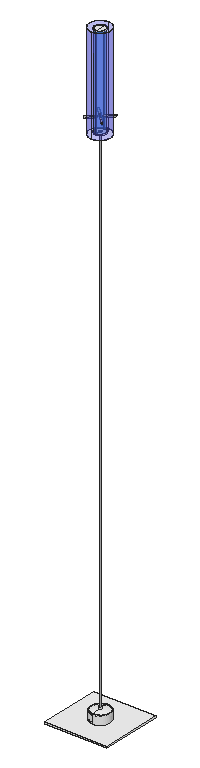
Revit family "BE_50410_de_DE", category Leuchten, Revit 2020
Family settings
  Basisbauteil = Fläche
  Bemaßung runder Anschluss = Durchmesser verwenden
  Teiletyp = Normal
  Beim Laden mit Abzugskörper schneiden = Ja
  Lichtquelle = Ja
  Gemeinsam genutzt = Nein
  Raumberechnungspunkt = Ja
Parameters (values of type "BEGA_50410_K4")
  built-in parameter 1150104 = 15.859 (stored number, unit not read)
  Wattage = 16.4 W
  Default Elevation = 0 mm
  built-in parameter 1150113 = 1 (stored number, unit not read)
  built-in parameter 1114218 = 1 (stored number, unit not read)
  Umgebungstemperatur = "25 °C"
  URL = "https://www.bega.com/de/produkt/50410"
  Typenkommentare = "© 2022 BEGA. Wir behalten uns das Recht vor, technische Änderungen ohne vorherige Ankündigung vorzunehmen."  # constant formula
  built-in parameter 1150134 = 12
  built-in parameter 1150109 = 1 (stored number, unit not read)
  Strom = ""
  built-in parameter 1150110 = 1 (stored number, unit not read)
  Spannung = 239.996 V
  Sonderanfertigung = no
  Seriennummer [instance] = "Hier können Sie die eindeutige Seriennummer für das Facility Management eintragen."
  Schutzklasse = "I"
  Schutzart = "IP 20"
  Scheinlast = 0 VA
  Produktdatenblatt = "https://cdn.bega.com/bega/products/50410K4/current/documents/data-sheets/de"
  Oberflächentemperatur = ""
  Neigungswinkel = 0.00°
  Modell = "50410K4"
  Material_17 = BEGA_Reflektor
  Material_15 = BEGA_Leuchtmedium_matt
  Material_13 = BEGA_Kunststoff_matt
  Material_11 = BEGA_Glas_opal
  Material_09 = BEGA_Glas_klar
  Material_06 = BEGA_Oberfläche_Edelstahl_gebürstet
  Material_05 = BEGA_Oberfläche_Aluminium Guss
  Material_03 = BEGA_Oberfläche_Weiss_matt
  Material_02 = BEGA_Oberfläche_Silber_matt
  Material_01 [instance] = BEGA_Oberfläche_Grafit_matt
  M_W = no
  M_G = no
  M_A = no
  Logo = 0
  built-in parameter 1114217 = 1 (stored number, unit not read)
  built-in parameter 1150139 = (empty or 0)
  built-in parameter 1150105 = 275.35 (stored number, unit not read)
  built-in parameter 1150114 = 1 (stored number, unit not read)
  Lumens = 2799.48 lm
  built-in parameter 1150115 = 1 (stored number, unit not read)
  Leuchtenlichtstrom = "2145 lm"
  Leuchtenanzahl = ""
  Lebensdauerkriterien = "L70B50 @ 25 °C = 200000 h"
  Lastklassifizierung = Beleuchtung
  built-in parameter 1150112 = 1 (stored number, unit not read)
  Lampenlichtstrom = "2900 lm"
  Lampe = "LED 16 W"
  LED_Modulbezeichnung = "LED-0694/940"
  built-in parameter 1150142 = (empty or 0)
  Hersteller = "BEGA"  # constant formula
  Halbstreuwinkel = ""
  Gewicht = "3.8 kg"
  Gebrauchslageneinschränkung [instance] = ""
  Frequenz = "0/50-60 Hz"
  Farbwiedergabeindex = "CRI > 90"
  Farbtemperaturverschiebung bei Dämpfen der Lampe = <Keine Auswahl>
  Farbtemperatur = "4000 K"
  Color Filter = 16777215
  built-in parameter 1150133 = 10 (stored number, unit not read)
  Energieeffizienzklasse = "LED A++ - A"
  built-in parameter 1150137 = (empty or 0)
  built-in parameter 1150132 = (empty or 0)
  ENEC = "ja"
  Dimmbar [instance] = "DALI"
  Datei für fotometrisches Netz = "BE_50410K4.IES"
  CE_Konformität = "ja"
  Bestellnummer = "50410K4"
  Beschreibung_Sonderanfertigung = "Hier können Sie Informationen zur Sonderanfertigung eintragen."
  Beschreibung = "Pendelleuchte"
  built-in parameter 1150106 = 2.7535 (stored number, unit not read)
  Befestigungsbohrung = "Ø 4,5 mm"
  Befestigungsabstand = "106 mm"
  Ballwurfsicher = ""
  BEGA_Intern_aus = yes
  BEGA_Intern_an = yes
  BEGA_Intern_Konstruktion = yes
  BEGA_Intern = yes
  BEGA_IES = yes
  BEGA_Dummy = no
  Anschlussleitung = ""
  Anschlussleistung [instance] = "19.3 W"
  Anschlusskasten = ""
  built-in parameter 1150107 = 4000 (stored number, unit not read)
  built-in parameter 1150102 = (empty or 0)
  built-in parameter 1150138 = (empty or 0)
  Aktualisierung = "2022-05-19T04:00:07"
  Abstand_zur_angestrahlten_Fläche [instance] = ""
  AC/DC = "AC/DC"
Types (2, lengths in mm): name | built-in parameter 1150104 | built-in parameter 1150134 | Modell | built-in parameter 1150105 | Lumens | Leuchtenlichtstrom | Lampenlichtstrom | LED_Modulbezeichnung | built-in parameter 1150142 | Farbtemperatur | Datei für fotometrisches Netz | Bestellnummer | built-in parameter 1150106 | built-in parameter 1150107
  BEGA_50410_K4 | 15.859 (stored number, unit not read) | 12 | "50410K4" | 275.35 (stored number, unit not read) | 2799.48 lm | "2145 lm" | "2900 lm" | "LED-0694/940" | (empty or 0) | "4000 K" | "BE_50410K4.IES" | "50410K4" | 2.7535 (stored number, unit not read) | 4000 (stored number, unit not read)
  BEGA_50410_K3 | 15.413 (stored number, unit not read) | (empty or 0) | "50410K3" | 216.51 (stored number, unit not read) | 2720.76 lm | "2026 lm" | "2740 lm" | "LED-0694/930" | "IESNA:LM-63-1995\r\n[TEST] \r\n[MANUFAC] BEGA\r\n[MORE] Converted by LUMCat V \r\n[MORE] 18.09.2017 / H.R.\r\n[LUMCAT] \r\n[LUMINAIRE] 50410K3\r\n[LAMPCAT] LED  16,4W\r\n[LAMPCAT] LED  16,4W    2012 lm,   19 W\r\n[LAMP] LED  16,4W\r\nTILT=NONE\r\n1    2012 1.0 73 1 1 2 -0.140 0.000 0.620\r\n1.0 1.0 19\r\n   0.0   2.5   5.0   7.5  10.0  12.5  15.0  17.5  20.0  22.5  25.0  27.5  30.0\r\n  32.5  35.0  37.5  40.0  42.5  45.0  47.5  50.0  52.5  55.0  57.5  60.0  62.5\r\n  65.0  67.5  70.0  72.5  75.0  77.5  80.0  82.5  85.0  87.5  90.0  92.5  95.0\r\n  97.5 100.0 102.5 105.0 107.5 110.0 112.5 115.0 117.5 120.0 122.5 125.0 127.5\r\n 130.0 132.5 135.0 137.5 140.0 142.5 145.0 147.5 150.0 152.5 155.0 157.5 160.0\r\n 162.5 165.0 167.5 170.0 172.5 175.0 177.5 180.0\r\n   0.0\r\n      11.5      18.4      34.1      47.9      58.4      67.7      76.4      84.3\r\n      91.5      98.1     104.3     110.3     116.1     121.8     127.4     132.9\r\n     138.2     143.5     148.6     153.6     158.4     163.1     167.5     171.6\r\n     175.6     179.2     182.6     185.7     188.4     190.8     192.9     194.5\r\n     195.9     196.9     197.6     197.9     197.8     197.8     197.4     196.7\r\n     195.5     193.9     191.8     189.3     186.5     183.3     179.8     176.0\r\n     171.9     167.6     163.0     158.2     153.1     147.8     142.3     136.7\r\n     130.9     125.1     119.2     113.4     107.6     101.7      95.6      88.7\r\n      80.2      70.8      60.0      47.4      34.0      19.0       4.5       0.3\r\n       0.2\r\n" | "3000 K" | "BE_50410K3.IES" | "50410K3" | 2.1651 (stored number, unit not read) | 3000 (stored number, unit not read)
Reference planes
  plane 1 "Mitte (Vorne/Hinten)": y = 0
  plane 2: z = 0
  plane 3 "Mitte (Links/Rechts)": x = 0
  plane 4 "Links": x = -70
  plane 5 "Rechts": x = 70
  plane 6 "Unten": y = -70
  plane 7 "Oben": y = 70
  plane 8 "Vorne": z = 4000
  plane 9 "Hinten": z = 0
Forms (mm)
  Extrusion 1, solid, material "BEGA_Platte_Weiss"
    sketch origin (0, -1119.2, 0) x (1, 0, 0) y (0, 1, 0)
      loop
        line (-200, 1319.2) -> (-200, 919.2) -> (200, 919.2) -> (200, 1319.2) -> (-200, 1319.2)
    from 0 to -10
  Extrusion 2, solid, material "BEGA_Dummy_matt", visible <- "BEGA_Dummy"
    sketch origin (77.149, -76.023, 0) x (1, 0, 0) y (0, 1, 0)
      loop
        circle (-77.149, 76.023) r 70
    from 0 to 4000
Dimensions and locks
  plane 1 "Mitte (Vorne/Hinten)" to Extrusion 1 = 200 mm
  aligned and locked: plane 2 to Extrusion 1
  aligned and locked: level to Extrusion 1
Nested families
  nested 1: "BE_50410" at (0, 0, 0), type "BE_50410"
Connectors
  electrical at (0, 0, 0), driven by "Lastklassifizierung", driven by "Spannung", driven by "Scheinlast"
    settings: index 1, voltage 239.996 V, apparent load 0 VA, apparent load phase1 0 VA, apparent load phase2 0 VA, apparent load phase3 0 VA, power factor 1, load classification "Beleuchtung", number of poles 1, system type 31, power factor state 1, is connector primary yes, connector utility no, sub classification motor no, connector description ""
Definition of nested family "BE_50410"
  Parameters (values of type "BE_50410")
    Default Elevation = 1 mm
    URL = "http://www.bega.de/de/produkt"
    Type Comments = "© 2015 BEGA. Wir behalten uns das Recht vor, technische Änderungen ohne vorherige Ankündigung vorzunehmen. "  # constant formula
    Type Image = (empty or 0)
    Neigungswinkel_um_Z2 = 0.00°
    Neigungswinkel_um_Z1 = 0.00°
    Neigungswinkel_um_Y2 = 0.00°
    Neigungswinkel_um_Y1 = 0.00°
    Neigungswinkel_um_X2 = 0.00°
    Neigungswinkel_um_X1 = 0.00°
    Material_17 = none
    Material_15 = none
    Material_13 = none
    Material_11 = none
    Material_09 = none
    Material_06 = none
    Material_05 = none
    Material_03 = none
    Material_02 = none
    Material_01 = none
    M_W = yes
    M_G = yes
    M_A = yes
    Länge_Platte = 200 mm  # constant formula
    Höhe_Platte = -10 mm  # constant formula
    Manufacturer = "BEGA"  # constant formula
    Drehwinkel_um_Z2 = 0.00°
    Drehwinkel_um_Z1 = 0.00°
    Breite_Platte = 200 mm  # constant formula
  Reference planes
    plane 1 "Mitte (Oben/Unten)": y = 0
    plane 2: z = 0
    plane 3 "Mitte (Links/Rechts)": x = 0
    plane 4: z = 4000
    plane 5: y = 70
    plane 6: y = -70
    plane 7: x = -70
    plane 8: x = 70
  Forms (mm)
    Extrusion 1, solid, detail levels medium
      sketch origin (0, 0, 0) x (1, 0, 0) y (0, 1, 0)
        loop
          line (-100, 100) -> (-100, -100) -> (100, -100) -> (100, 100) -> (-100, 100)
      from 0 to -10 <- "Höhe_Platte"
    Revolve 2, solid, material <- "Material_03", detail levels medium+fine
      sketch origin (0, 0, 0) x (0, 1, 0) y (0, 0, 1)
        loop
          line (58.5, 9) -> (0, 9) -> (0, 7.5) -> (58.5, 7.5) -> (58.5, 0) -> (60, 0) -> (60, 7.5)
          arc (60, 7.5) -> (59.561, 8.561) -> (58.5, 9) r 1.5
        axis (0, 9) -> (0, 0)
      angle from 0 to 360
    Extrusion 3, void
      sketch origin (0, 0, 0) x (1, 0, 0) y (0, 1, 0)
        loop
          circle (0, 53) r 2.25
        loop
          circle (0, -53) r 2.25
        loop
          circle (-25, 42) r 8.5
        loop
          circle (25, 42) r 8.5
      from 5 to 9.5
    Revolve 4, solid, material <- "Material_03", detail levels medium+fine
      sketch origin (0, 0, 0) x (0, 1, 0) y (0, 0, 1)
        loop
          line (61, 56) -> (56.303, 56)
          arc (56.303, 56) -> (31.36, 61.911) -> (5.85, 64.421) r 190.5
          line (5.85, 64.421) -> (5.85, 62.42)
          arc (5.85, 62.42) -> (31.21, 59.909) -> (56, 54) r 188.5
          line (56, 54) -> (60.5, 54) -> (60.5, 0) -> (62, 0) -> (62, 55)
          arc (62, 55) -> (61.707, 55.707) -> (61, 56) r 1
        axis (0, 0) -> (0, 64.421)
      angle from 0 to 360
    Revolve 5, solid, material <- "Material_03", detail levels medium+fine
      sketch origin (0, 0, 0) x (0, 1, 0) y (0, 0, 1)
        loop
          line (8.5, 71.421) -> (3.05, 71.421) -> (3.05, 3381.5) -> (7.247, 3381.5) -> (7.247, 3398) -> (0, 3398) -> (0, 64.421) -> (8.5, 64.421) -> (8.5, 71.421)
        axis (0, 3398) -> (0, 64.421)
      angle from 0 to 360
    Revolve 6, solid, material <- "Material_03", detail levels medium+fine
      sketch origin (0, 0, 0) x (0, 1, 0) y (0, 0, 1)
        loop
          line (36.5, 3398.5) -> (35.5, 3398.5) -> (35.5, 3397) -> (8.744, 3397) -> (8.744, 3395.5) -> (36.5, 3395.5) -> (36.5, 3398.5)
        loop
          line (36.5, 3991.5) -> (36.5, 3994.5) -> (0, 3994.5) -> (0, 3993) -> (35.5, 3993) -> (35.5, 3991.5) -> (36.5, 3991.5)
        axis (0, 3395.5) -> (0, 3994.5)
      angle from 0 to 360
    Revolve 7, solid, material <- "Material_11", detail levels medium+fine
      sketch origin (0, 0, 0) x (0, 1, 0) y (0, 0, 1)
        loop
          line (66, 3380) -> (70, 3380) -> (70, 4000) -> (66, 4000) -> (66, 3380)
        axis (0, 4000) -> (0, 3380)
      angle from 0 to 360
    Revolve 8, solid, material <- "Material_13", detail levels medium+fine
      sketch origin (0, 0, 0) x (0, 1, 0) y (0, 0, 1)
        loop
          line (35, 3993) -> (32, 3993) -> (32, 3397) -> (35, 3397) -> (35, 3993)
        axis (0, 3397) -> (0, 3993)
      angle from 0 to 360
    Revolve 9, void
      sketch origin (0, 0, 3485) x (1, 0, 0) y (0, 1, 0)
        loop
          line (-50.443, 50.443) -> (-53.625, 47.261) -> (-48.607, 42.243) -> (-45.425, 45.425) -> (-50.443, 50.443)
        axis (-45.425, 45.425) -> (-50.443, 50.443)
      angle from 0 to 360
    Revolve 10, solid, material <- "Material_06", detail levels fine
      sketch origin (0, 0, 3485) x (1, 0, 0) y (0, 1, 0)
        loop
          line (-8.141, 8.141) -> (-57.851, 57.851) -> (-60.679, 55.022) -> (-16.768, 11.111) -> (-16.061, 11.818) -> (-10.262, 6.02) -> (-8.141, 8.141)
        axis (-8.141, 8.141) -> (-57.851, 57.851)
      angle from 0 to 360
    Revolve 11, void
      sketch origin (0, 0, 3485) x (0, -1, 0) y (1, 0, 0)
        loop
          line (-50.443, 50.443) -> (-53.625, 47.261) -> (-48.607, 42.243) -> (-45.425, 45.425) -> (-50.443, 50.443)
        axis (-45.425, 45.425) -> (-50.443, 50.443)
      angle from 0 to 360
    Revolve 12, void
      sketch origin (0, 0, 3485) x (0, 1, 0) y (-1, 0, 0)
        loop
          line (-50.443, 50.443) -> (-53.625, 47.261) -> (-48.607, 42.243) -> (-45.425, 45.425) -> (-50.443, 50.443)
        axis (-45.425, 45.425) -> (-50.443, 50.443)
      angle from 0 to 360
    Revolve 13, void
      sketch origin (0, 0, 3485) x (-1, 0, 0) y (0, -1, 0)
        loop
          line (-50.443, 50.443) -> (-53.625, 47.261) -> (-48.607, 42.243) -> (-45.425, 45.425) -> (-50.443, 50.443)
        axis (-45.425, 45.425) -> (-50.443, 50.443)
      angle from 0 to 360
    Revolve 14, solid, material <- "Material_06", detail levels fine
      sketch origin (0, 0, 3485) x (0, -1, 0) y (1, 0, 0)
        loop
          line (-8.141, 8.141) -> (-57.851, 57.851) -> (-60.679, 55.022) -> (-16.768, 11.111) -> (-16.061, 11.818) -> (-10.262, 6.02) -> (-8.141, 8.141)
        axis (-8.141, 8.141) -> (-57.851, 57.851)
      angle from 0 to 360
    Revolve 15, solid, material <- "Material_06", detail levels fine
      sketch origin (0, 0, 3485) x (0, 1, 0) y (-1, 0, 0)
        loop
          line (-8.141, 8.141) -> (-57.851, 57.851) -> (-60.679, 55.022) -> (-16.768, 11.111) -> (-16.061, 11.818) -> (-10.262, 6.02) -> (-8.141, 8.141)
        axis (-8.141, 8.141) -> (-57.851, 57.851)
      angle from 0 to 360
    Revolve 16, solid, material <- "Material_06", detail levels fine
      sketch origin (0, 0, 3485) x (-1, 0, 0) y (0, -1, 0)
        loop
          line (-8.141, 8.141) -> (-57.851, 57.851) -> (-60.679, 55.022) -> (-16.768, 11.111) -> (-16.061, 11.818) -> (-10.262, 6.02) -> (-8.141, 8.141)
        axis (-8.141, 8.141) -> (-57.851, 57.851)
      angle from 0 to 360
  Cuts and joins
    Extrusion 3 cuts Revolve 2
    Revolve 9, Revolve 11, Revolve 12, Revolve 13 cuts Revolve 7
    Revolve 9 cuts Revolve 8
    Revolve 11 cuts Revolve 10
  Dimensions and locks
    equal spacing: Extrusion 1 sketch curve, plane 3 "Mitte (Links/Rechts)", Extrusion 1 sketch curve
    equal spacing: Extrusion 1 sketch curve, plane 1 "Mitte (Oben/Unten)", Extrusion 1 sketch curve
    "Länge_Platte": Extrusion 1 sketch curve to Extrusion 1 sketch curve
    "Breite_Platte": Extrusion 1 sketch curve to Extrusion 1 sketch curve
    aligned and locked: Extrusion 1 to plane 2
    aligned and locked: level to Extrusion 1
  Automatic sketch dimensions
    Revolve 2 sketch curve to plane 1 "Mitte (Oben/Unten)" = 0 mm  (x2)
    Revolve 2 sketch curve to level = 0 mm
    Revolve 2 sketch curve to plane 1 "Mitte (Oben/Unten)" = 58.5 mm
    Revolve 2 sketch curve to Revolve 2 sketch curve = 0 mm  (x8)
    Revolve 2 sketch curve to Revolve 2 sketch curve = 1.5 mm  (x2)
    level to Revolve 2 sketch curve = 7.5 mm
    Revolve 2 sketch curve to Revolve 2 sketch curve = 3.5 mm
    Extrusion 3 sketch curve to plane 3 "Mitte (Links/Rechts)" = 0 mm  (x2)
    Extrusion 3 sketch curve to plane 3 "Mitte (Links/Rechts)" = 25 mm
    plane 3 "Mitte (Links/Rechts)" to Extrusion 3 sketch curve = 25 mm
    plane 1 "Mitte (Oben/Unten)" to Extrusion 3 sketch curve = 53 mm
    Extrusion 3 sketch curve to plane 1 "Mitte (Oben/Unten)" = 42 mm  (x2)
    Extrusion 3 sketch curve to Extrusion 3 sketch curve = 11 mm
    Revolve 4 sketch curve to Revolve 4 sketch curve = 0 mm  (x2)
    Revolve 4 sketch curve to plane 1 "Mitte (Oben/Unten)" = 0 mm  (x2)
    Revolve 4 sketch curve to level = 0 mm
    Revolve 4 sketch curve to plane 1 "Mitte (Oben/Unten)" = 5.85 mm
    Revolve 4 sketch curve to Revolve 4 sketch curve = 0.5 mm
    Revolve 4 sketch curve to Revolve 4 sketch curve = 1.5 mm
    Revolve 4 sketch curve to Revolve 4 sketch curve = 1 mm
    Revolve 4 sketch curve to Revolve 4 sketch curve = 2.001 mm
    Revolve 4 sketch curve to Revolve 4 sketch curve = 4.5 mm
    Revolve 4 sketch curve to Revolve 4 sketch curve = 0.303 mm
    Revolve 4 sketch curve to Revolve 4 sketch curve = 3.546 mm
    Revolve 4 sketch curve to Revolve 4 sketch curve = 3.859 mm
    Revolve 5 sketch curve to plane 1 "Mitte (Oben/Unten)" = 0 mm  (x2)
    Revolve 5 sketch curve to plane 1 "Mitte (Oben/Unten)" = 3.05 mm
    Revolve 5 sketch curve to plane 1 "Mitte (Oben/Unten)" = 7.247 mm
    Revolve 5 sketch curve to Revolve 5 sketch curve = 5.45 mm
    Revolve 5 sketch curve to Revolve 5 sketch curve = 7 mm
    Revolve 5 sketch curve to Revolve 5 sketch curve = 16.5 mm
    Revolve 5 sketch curve to Revolve 5 sketch curve = 33.198 mm
    Revolve 5 sketch curve to Revolve 5 sketch curve = 8 mm
    Revolve 4 sketch curve to level = 125.99 mm
    level to Revolve 5 sketch curve = 64.421 mm
    Revolve 7 sketch curve to plane 1 "Mitte (Oben/Unten)" = 0 mm
    Revolve 7 sketch curve to Revolve 7 sketch curve = 4 mm
    Revolve 7 sketch curve to Revolve 7 sketch curve = 620 mm
    Revolve 7 sketch curve to Revolve 7 sketch curve = 99.703 mm
    Revolve 7 sketch curve to Revolve 7 sketch curve = 1.546 mm
    Revolve 5 sketch curve to Revolve 5 sketch curve = 3310.079 mm
    Revolve 4 sketch curve to Revolve 4 sketch curve = 50.15 mm
    Revolve 7 sketch curve to plane 1 "Mitte (Oben/Unten)" = 66 mm
    Revolve 6 sketch curve to plane 1 "Mitte (Oben/Unten)" = 0 mm  (x2)
    Revolve 6 sketch curve to Revolve 6 sketch curve = 8.744 mm
    Revolve 6 sketch curve to Revolve 6 sketch curve = 26.756 mm
    Revolve 6 sketch curve to plane 1 "Mitte (Oben/Unten)" = 35.5 mm
    Revolve 6 sketch curve to Revolve 6 sketch curve = 1 mm  (x2)
    level to Revolve 6 sketch curve = 3395.5 mm
    Revolve 6 sketch curve to Revolve 6 sketch curve = 1.5 mm  (x4)
    Revolve 6 sketch curve to Revolve 6 sketch curve = 593 mm
    Revolve 6 sketch curve to Revolve 6 sketch curve = 0 mm
    Revolve 6 sketch curve to Revolve 6 sketch curve = 5.5 mm
    Revolve 8 sketch curve to plane 1 "Mitte (Oben/Unten)" = 0 mm
    Revolve 8 sketch curve to plane 1 "Mitte (Oben/Unten)" = 32 mm
    Revolve 8 sketch curve to Revolve 8 sketch curve = 3 mm
    level to Revolve 8 sketch curve = 3397 mm
    Revolve 8 sketch curve to Revolve 8 sketch curve = 596 mm
    Revolve 8 sketch curve to Revolve 8 sketch curve = 11.654 mm
    Revolve 8 sketch curve to Revolve 8 sketch curve = 16.018 mm
    Revolve 10 sketch curve to Revolve 10 sketch curve = 0.707 mm
    Revolve 10 sketch curve to Revolve 10 sketch curve = 5.798 mm
    Revolve 10 sketch curve to Revolve 10 sketch curve = 2.828 mm  (x2)
    Revolve 10 sketch curve to Revolve 10 sketch curve = 5.091 mm
    Revolve 10 sketch curve to Revolve 10 sketch curve = 2.757 mm  (x2)
    Revolve 10 sketch curve to Revolve 10 sketch curve = 8.627 mm
    Revolve 9 sketch curve to Revolve 9 sketch curve = 3.182 mm  (x3)
    Revolve 9 sketch curve to Revolve 9 sketch curve = 5.017 mm
    Revolve 9 sketch curve to Revolve 9 sketch curve = 10.165 mm  (x2)
    Revolve 9 sketch curve to Revolve 9 sketch curve = 40.82 mm  (x2)
    Revolve 11 sketch curve to Revolve 11 sketch curve = 3.182 mm  (x3)
    Revolve 11 sketch curve to Revolve 11 sketch curve = 5.017 mm
    Revolve 11 sketch curve to Revolve 11 sketch curve = 10.165 mm  (x2)
    Revolve 11 sketch curve to Revolve 11 sketch curve = 40.82 mm  (x2)
    Revolve 12 sketch curve to Revolve 12 sketch curve = 3.182 mm  (x3)
    Revolve 12 sketch curve to Revolve 12 sketch curve = 5.017 mm
    Revolve 12 sketch curve to Revolve 12 sketch curve = 10.165 mm  (x2)
    Revolve 12 sketch curve to Revolve 12 sketch curve = 40.82 mm  (x2)
    Revolve 13 sketch curve to Revolve 13 sketch curve = 3.182 mm  (x3)
    Revolve 13 sketch curve to Revolve 13 sketch curve = 5.017 mm
    Revolve 13 sketch curve to Revolve 13 sketch curve = 10.165 mm  (x2)
    Revolve 13 sketch curve to Revolve 13 sketch curve = 40.82 mm  (x2)
    Revolve 9 sketch curve to plane 1 "Mitte (Oben/Unten)" = 42.243 mm
    Revolve 11 sketch curve to plane 1 "Mitte (Oben/Unten)" = 53.625 mm
    plane 1 "Mitte (Oben/Unten)" to Revolve 12 sketch curve = 53.625 mm
    plane 1 "Mitte (Oben/Unten)" to Revolve 13 sketch curve = 42.243 mm
    Revolve 10 sketch curve to Revolve 10 sketch curve = 43.911 mm
    Revolve 10 sketch curve to Revolve 10 sketch curve = 2.121 mm
    Revolve 10 sketch curve to Revolve 10 sketch curve = 3.536 mm  (x2)
    Revolve 14 sketch curve to Revolve 14 sketch curve = 0.707 mm
    Revolve 14 sketch curve to Revolve 14 sketch curve = 5.798 mm
    Revolve 14 sketch curve to Revolve 14 sketch curve = 2.828 mm  (x2)
    Revolve 14 sketch curve to Revolve 14 sketch curve = 5.091 mm
    Revolve 14 sketch curve to Revolve 14 sketch curve = 2.757 mm  (x2)
    Revolve 14 sketch curve to Revolve 14 sketch curve = 8.627 mm
    Revolve 14 sketch curve to Revolve 14 sketch curve = 43.911 mm
    Revolve 14 sketch curve to Revolve 14 sketch curve = 2.121 mm
    Revolve 14 sketch curve to Revolve 14 sketch curve = 3.536 mm  (x2)
    Revolve 15 sketch curve to Revolve 15 sketch curve = 0.707 mm
    Revolve 15 sketch curve to Revolve 15 sketch curve = 5.798 mm
    Revolve 15 sketch curve to Revolve 15 sketch curve = 2.828 mm  (x2)
    Revolve 15 sketch curve to Revolve 15 sketch curve = 5.091 mm
    Revolve 15 sketch curve to Revolve 15 sketch curve = 2.757 mm  (x2)
    Revolve 15 sketch curve to Revolve 15 sketch curve = 8.627 mm
    Revolve 15 sketch curve to Revolve 15 sketch curve = 43.911 mm
    Revolve 15 sketch curve to Revolve 15 sketch curve = 2.121 mm
    Revolve 15 sketch curve to Revolve 15 sketch curve = 3.536 mm  (x2)
    Revolve 16 sketch curve to Revolve 16 sketch curve = 0.707 mm
    Revolve 16 sketch curve to Revolve 16 sketch curve = 5.798 mm
    Revolve 16 sketch curve to Revolve 16 sketch curve = 2.828 mm  (x2)
    Revolve 16 sketch curve to Revolve 16 sketch curve = 5.091 mm
    Revolve 16 sketch curve to Revolve 16 sketch curve = 2.757 mm  (x2)
    Revolve 16 sketch curve to Revolve 16 sketch curve = 8.627 mm
    Revolve 16 sketch curve to Revolve 16 sketch curve = 43.911 mm
    Revolve 16 sketch curve to Revolve 16 sketch curve = 2.121 mm
    Revolve 16 sketch curve to Revolve 16 sketch curve = 3.536 mm  (x2)
    Revolve 10 sketch curve to plane 1 "Mitte (Oben/Unten)" = 6.02 mm
    Revolve 14 sketch curve to plane 1 "Mitte (Oben/Unten)" = 60.679 mm
    plane 1 "Mitte (Oben/Unten)" to Revolve 15 sketch curve = 60.679 mm
    plane 1 "Mitte (Oben/Unten)" to Revolve 16 sketch curve = 6.02 mm
    level to Revolve 7 sketch curve = 3380 mm
    plane 3 "Mitte (Links/Rechts)" to Revolve 11 sketch curve = 42.243 mm
    plane 3 "Mitte (Links/Rechts)" to Revolve 13 sketch curve = 53.625 mm
    plane 3 "Mitte (Links/Rechts)" to Revolve 14 sketch curve = 6.02 mm
    plane 3 "Mitte (Links/Rechts)" to Revolve 16 sketch curve = 60.679 mm
    Revolve 9 sketch curve to plane 3 "Mitte (Links/Rechts)" = 53.625 mm
    Revolve 10 sketch curve to plane 3 "Mitte (Links/Rechts)" = 60.679 mm
    Revolve 12 sketch curve to plane 3 "Mitte (Links/Rechts)" = 42.243 mm
    Revolve 15 sketch curve to plane 3 "Mitte (Links/Rechts)" = 6.02 mm
    radius of Extrusion 3 sketch curve = 2.25 mm  (x2)
    radius of Extrusion 3 sketch curve = 8.5 mm  (x2)
